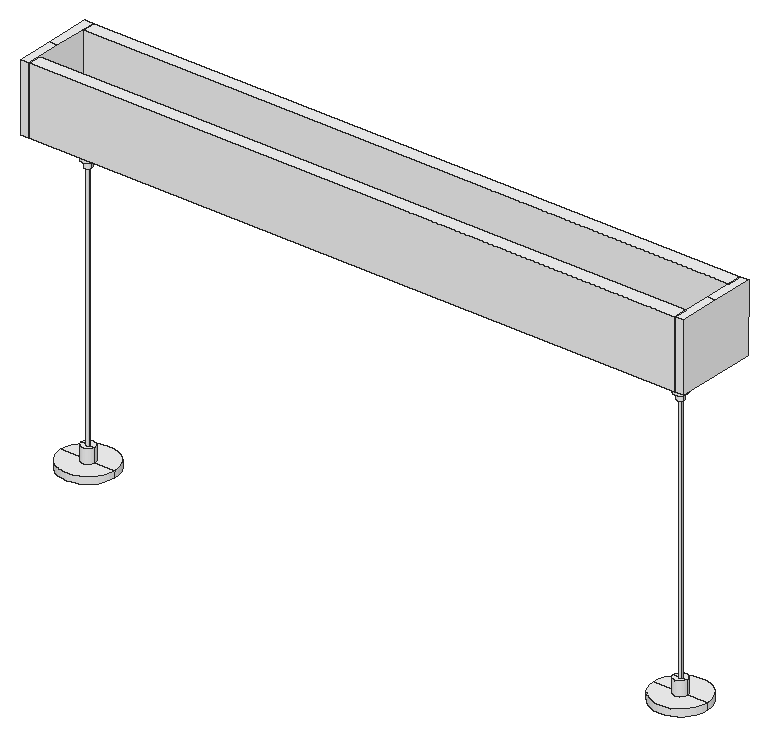
Revit family "70L-P-D", category Lighting Fixtures, host Face, Revit 2021
Family settings
  Host = Face
  Round Connector Dimension = Use Diameter
  Part Type = Normal
  OmniClass Number = 23.80.70.14.21
  OmniClass Title = Street and Roadway Lighting
  Cut with Voids When Loaded = No
  Light Source = Yes
  Shared = Yes
  Room Calculation Point = No
Parameters (values of type "70L-P-D-02")
  zz Length 1 = 24.000"
  Watts = 25 W
  Wattage Comments = ""
  Wattage = 106.5 W
  built-in parameter 1150110 = 1 (stored number, unit not read)
  Voltage = 120 V
  URL = "https://www.hubbell.com/litecontrol/en"
  Type Comments = "Lighting Fixtures"  # constant formula
  built-in parameter 1114217 = 1 (stored number, unit not read)
  Tilt Angle = -90.00°  # constant formula
  built-in parameter 1150109 = 1 (stored number, unit not read)
  built-in parameter 1150134 = (empty or 0)
  built-in parameter 1150113 = 1 (stored number, unit not read)
  Product Page URL = ""
  Product Material = Hubbell - White
  Product Documentation Link = ""
  Power Factor = 1
  Photometric Web Link = ""
  Photometric Web File = "70L-X-D-4-CX-35K-D030-ECC.ies"
  Photometric Note = "More Photometric Web Files dowload in the Web link"  # constant formula
  Model = "Nelo 70L"  # constant formula
  Manufacturer = "LITECONTROL"  # constant formula
  built-in parameter 1150105 = -5126353.4 (stored number, unit not read)
  Lumens = 12247.5 lm
  built-in parameter 1150115 = 1 (stored number, unit not read)
  Load Classification = Lighting
  built-in parameter 1150137 = (empty or 0)
  built-in parameter 1150139 = (empty or 0)
  built-in parameter 1150112 = 1 (stored number, unit not read)
  built-in parameter 1150114 = 1 (stored number, unit not read)
  Lamp = "LED"  # constant formula
  built-in parameter 1150132 = (empty or 0)
  built-in parameter 1150102 = (empty or 0)
  built-in parameter 1150107 = 3107 (stored number, unit not read)
  built-in parameter 1150138 = (empty or 0)
  built-in parameter 1150106 = -51263.5 (stored number, unit not read)
  Glass = Glass - Hubbell - White
  Features = " Variable Intensity technology provides a range of specifiable outputs and \r\nresulting fixture wattages\r\n•  1200 lumens max. See performance data table on page 4 for additional \r\ninformation\r\n•  80 & 90 CRI (30, 35, 40K); Warm Dim (30-22K), Tunable White (27-65K & 27-50K)"  # constant formula
  Emit from Line Length = zz Length 1 - 1.000"  # 23.000"
  built-in parameter 1150104 = 10.684 (stored number, unit not read)
  Dimming Lamp Color Temperature Shift = <None>
  Description = "Open Aperture Recessed Direct"  # constant formula
  Default Elevation = 48.000"
  Cord Length = 10.000"
  Contact Us = ""
  Color Filter = 16777215
  built-in parameter 1114218 = 1 (stored number, unit not read)
  built-in parameter 1150133 = 10 (stored number, unit not read)
  Assembly Code = "D5020200"
  Apparent Load = Watts / Power Factor  # 25 VA
Types (7): name | zz Length 1 | Emit from Line Length
  (no name) | 24.000" | 23.000"
  70L-P-D-02 | 24.000" | 23.000"
  70L-P-D-03 | 36.000" | 35.000"
  70L-P-D-04 | 48.000" | 47.000"
  70L-P-D-05 | 60.000" | 59.000"
  70L-P-D-06 | 72.000" | 71.000"
  70L-P-D-08 | 96.000" | 95.000"
Reference planes (in)
  plane 1 "Center (Front/Back)": y = 0
  plane 2: z = 0
  plane 3 "Center (Left/Right)": x = 0
  plane 4: x = 12
  plane 5: x = -12
  plane 6: y = -1.5
  plane 7: y = 1.5
  plane 8: z = 10
  plane 9: z = 11.25
  plane 10: z = 13.75
  plane 11: x = 12.313
  plane 12: x = -12.313
  plane 13: x = -11
  plane 14: x = 11
Forms (in)
  Extrusion 1, solid, material "Hubbell - White" <- "Product Material"
    sketch origin (0, 0, 0) x (0, 1, 0) y (0, 0, 1)
      loop
        line (1.5, 13.75) -> (1, 13.75) -> (1, 12) -> (0, 12) -> (-1, 12) -> (-1, 13.75) -> (-1.5, 13.75) -> (-1.5, 11.25) -> (1.5, 11.25) -> (1.5, 13.75)
    from -12 to 12
  Extrusion 2, solid, material "Hubbell - White" <- "Product Material"
    sketch origin (0, 0, 0) x (0, 1, 0) y (0, 0, 1)
      loop
        line (-1.5, 13.75) -> (-1.5, 11.25) -> (1.5, 11.25) -> (1.5, 13.75) -> (0, 13.75) -> (-1.5, 13.75)
    from 12 to 12.313
  Extrusion 3, solid, material "Hubbell - White" <- "Product Material"
    sketch origin (0, 0, 0) x (0, 1, 0) y (0, 0, -1)
      loop
        line (-1.5, -13.75) -> (-0.13994, -13.75) -> (1.5, -13.75) -> (1.5, -11.25) -> (-1.5, -11.25) -> (-1.5, -13.75)
    from 12 to 12.313
  Revolve 4, solid, material "Hubbell - White" <- "Product Material"
    sketch origin (0, 0, 0) x (1, 0, 0) y (0, 0, 1)
      loop
        line (11, 11.25) -> (11, 0) -> (12, 0) -> (12, 0.25) -> (11.25, 0.25) -> (11.25, 0.75) -> (11.05622, 0.75) -> (11.05622, 10) -> (11.12699, 10) -> (11.12699, 10.25) -> (11.25, 10.25) -> (11.25, 11.25) -> (11, 11.25)
      axis (11, 11.25) -> (11, 0)
    angle from 0 to 360
  Revolve 5, solid, material "Hubbell - White" <- "Product Material"
    sketch origin (0, 0, 0) x (-1, 0, 0) y (0, 0, -1)
      loop
        line (11, -11.25) -> (11.25, -11.25) -> (11.25, -10.25) -> (11.12699, -10.25) -> (11.12699, -10) -> (11.05622, -10) -> (11.05622, -0.75) -> (11.25, -0.75) -> (11.25, -0.25) -> (12, -0.25) -> (12, 0) -> (11, 0) -> (11, -11.25)
      axis (11, -11.25) -> (11, 0)
    angle from 0 to 360
Dimensions and locks (in)
  "zz Length 1": plane 4 to plane 5
  equal spacing: plane 4, plane 3 "Center (Left/Right)", plane 5
  "Cord Length": plane 8 to plane 2
  plane 9 to plane 8 = 1.250"
  plane 10 to plane 9 = 2.500"
  locked: plane 4 to plane 14 at 1
  locked: plane 11 to plane 4 at 0.313
  locked: plane 13 to plane 5 at 1
  locked: plane 5 to plane 12 at 0.313
  locked: Revolve 4 sketch curve to Revolve 4 sketch curve at 0.25
  locked: Revolve 5 sketch curve to Revolve 5 sketch curve at 0.25
  aligned and locked: plane 2 to host face
  aligned and locked: level to host face
  aligned and locked: Extrusion 1 to plane 5
  aligned and locked: plane 4 to Extrusion 1
  aligned and locked: plane 11 to Extrusion 2
  aligned and locked: Extrusion 2 to plane 4
  aligned and locked: Revolve 4 sketch curve to plane 14
  aligned and locked: Extrusion 3 to plane 12
  aligned and locked: plane 5 to Extrusion 3
  aligned and locked: Revolve 5 sketch curve to plane 13
Automatic sketch dimensions
  host sketch curve to host sketch curve = 96.000"  (x2)
  Extrusion 1 sketch curve to plane 6 = 0.000"
  Extrusion 1 sketch curve to plane 10 = 0.000"  (x2)
  Extrusion 1 sketch curve to plane 1 "Center (Front/Back)" = 0.000"
  Extrusion 1 sketch curve to plane 7 = 0.000"
  Extrusion 1 sketch curve to plane 9 = 0.000"
  Extrusion 1 sketch curve to plane 6 = 0.500"
  plane 7 to Extrusion 1 sketch curve = 0.500"
  plane 9 to Extrusion 1 sketch curve = 0.750"
  Extrusion 2 sketch curve to plane 6 = 0.000"
  Extrusion 2 sketch curve to plane 10 = 0.000"
  Extrusion 2 sketch curve to plane 7 = 0.000"
  Extrusion 2 sketch curve to plane 9 = 0.000"
  Extrusion 3 sketch curve to plane 6 = 0.000"
  Extrusion 3 sketch curve to plane 10 = 0.000"
  Extrusion 3 sketch curve to plane 7 = 0.000"
  Extrusion 3 sketch curve to plane 9 = 0.000"
  Revolve 4 sketch curve to plane 9 = 0.000"
  Revolve 4 sketch curve to plane 14 = 0.000"
  Revolve 4 sketch curve to plane 8 = 0.000"
  Revolve 4 sketch curve to level = 0.000"
  Revolve 4 sketch curve to plane 4 = 0.000"
  plane 14 to Revolve 4 sketch curve = 0.05622"
  Revolve 4 sketch curve to Revolve 4 sketch curve = 0.07078"
  Revolve 4 sketch curve to Revolve 4 sketch curve = 0.19378"
  Revolve 4 sketch curve to Revolve 4 sketch curve = 0.250"
  Revolve 4 sketch curve to Revolve 4 sketch curve = 0.500"
  plane 8 to Revolve 4 sketch curve = 0.250"
  Revolve 4 sketch curve to level = 24.000"
  plane 10 to Revolve 4 sketch curve = 19.42244"
  Revolve 5 sketch curve to plane 9 = 0.000"
  Revolve 5 sketch curve to plane 13 = 0.000"
  Revolve 5 sketch curve to plane 8 = 0.000"
  Revolve 5 sketch curve to level = 0.000"
  Revolve 5 sketch curve to plane 5 = 0.000"
  Revolve 5 sketch curve to plane 13 = 0.05622"
  Revolve 5 sketch curve to Revolve 5 sketch curve = 0.07078"
  Revolve 5 sketch curve to Revolve 5 sketch curve = 0.19378"
  plane 8 to Revolve 5 sketch curve = 0.250"
  level to Revolve 5 sketch curve = 0.750"
  level to Revolve 5 sketch curve = 0.250"
  plane 10 to Revolve 5 sketch curve = 19.42244"
  Revolve 5 sketch curve to Revolve 5 sketch curve = 24.000"
  Extrusion 2 sketch curve to plane 6 = 1.500"
  Extrusion 3 sketch curve to plane 6 = 1.36006"
Connectors (in)
  electrical at (11, 0, 0), driven by "Power Factor", driven by "Apparent Load", driven by "Voltage", driven by "Load Classification"
    settings: on Revolve 4, index 1, voltage 120 V, apparent load 25 VA, apparent load phase1 0 VA, apparent load phase2 0 VA, apparent load phase3 0 VA, power factor 1, load classification "Lighting", number of poles 1, system type 30, power factor state 1, is connector primary yes, connector utility no, sub classification motor no, connector description "Lighting Connector"
